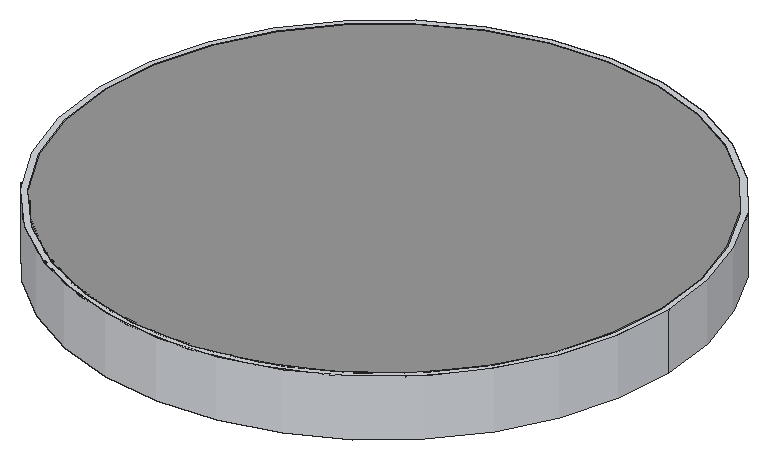
Revit family "2071229", category Lighting Fixtures, host Face, Revit 2018
Family settings
  Host = Face
  Round Connector Dimension = Use Diameter
  Part Type = Normal
  OmniClass Number = 23.80.70.00
  OmniClass Title = Lighting
  Cut with Voids When Loaded = No
  Light Source = Yes
  Shared = No
  Room Calculation Point = No
Parameters (values of type "2071229 COLOSSAL 600 940 PR DIR+H WHT DALI")
  iner diameter = 588 mm
  Weight = "n/a"
  Wattage Comments = ""
  Wattage = 30 W
  WarrantyStartDate [instance] = "n/a"
  WarrantyGuarantorParts = "n/a"
  WarrantyDurationUnit = "n/a"
  WarrantyDurationParts = ""
  WarrantyDescription = "http://www.sylvania-lighting.com"
  built-in parameter 1150110 = 1 (stored number, unit not read)
  Voltage = 230 V
  URL = "0.99"
  TypeName = "COLOSSAL 600mm 940 PRISM DIR+HAL WHITE DALI"
  Type Image = <None>
  Type Comments = "n/a"
  built-in parameter 1114217 = 1 (stored number, unit not read)
  Tilt Angle = -90.00°
  built-in parameter 1150109 = 1 (stored number, unit not read)
  built-in parameter 1150134 = (empty or 0)
  built-in parameter 1150113 = 1 (stored number, unit not read)
  SerialNumber [instance] = "n/a"
  Photometric Web File = "2071229.ies"
  Material_3_SYL = LED-Sylvania
  PowerFactor = 0
  PowerConsumption = "Lighting"
  NominalLength = 600 mm
  NominalHeight = 93 mm
  NominalDepth = 600 mm
  Name = "COLOSSAL 600mm 940 PRISM DIR+HAL WHITE DALI"
  ModelReference = Name  # "COLOSSAL 600mm 940 PRISM DIR+HAL WHITE DALI"
  ModelNumber = "2071229"
  Model = Name  # "COLOSSAL 600mm 940 PRISM DIR+HAL WHITE DALI"
  Material = "Feilo Sylvania"
  ManufacturerName = "111 lm/W"
  Manufacturer = ""
  LuminousEfficacy = ""
  built-in parameter 1150105 = 270.44 (stored number, unit not read)
  Lumens = 3398.4 lm
  LuminaireType = "0"
  built-in parameter 1150115 = 1 (stored number, unit not read)
  LightOutputRatio = "LED"
  built-in parameter 1150137 = (empty or 0)
  built-in parameter 1150139 = (empty or 0)
  LampsType = Lamp  # "n/a"
  LampNominalLuminous = "4000 K"
  LampMacAdamStep = "90"
  LampColourTemperature = "LED"
  LampColourRenderingIndex = "16500"
  built-in parameter 1150112 = 1 (stored number, unit not read)
  built-in parameter 1150114 = 1 (stored number, unit not read)
  Lamp = "n/a"
  Keynote = "n/a"
  InstallationDate [instance] = "n/a"
  InputVoltage = "0"
  InputNominalFrequency = "4000"
  built-in parameter 1150132 = (empty or 0)
  built-in parameter 1150102 = (empty or 0)
  built-in parameter 1150107 = 3000 (stored number, unit not read)
  built-in parameter 1150138 = (empty or 0)
  IngressProtection = "IfcLightFixtureType"
  ImpactProtectionIndex = "IfcLightFixtureType"
  built-in parameter 1150106 = 2.7044 (stored number, unit not read)
  IfcExportType = "IfcLightFixtureType"
  IfcExportAs = "Class I"
  Emit from Circle Diameter = 385 mm
  Emit Shape Visible in Rendering = no
  ElectricShockClassification = "111"
  built-in parameter 1150104 = 10.524 (stored number, unit not read)
  DocumentationLiterature = "http://www.sylvania-lighting.com/product/en-int/products/2071229"
  DimmingControlOptions = "n/a"
  Material_2_SYL = Polycarbonate_Sylvania_White
  Dimming Lamp Color Temperature Shift = <None>
  Description = "600mm diameter circular architectural luminaire, can be surface mounted or suspended. Powder coated aluminium housing (RAL9016) with PMMA prismatic diffuser. Direct/indirect (halo) light distribution, 3485lm luminuous flux, 31.3W system power, 111lm/W luminiaire efficacy. DALI dimmable. Colour rendering index Ra >90, 4000K Neutral White LED, chromaticity tolerance of 3-step MacAdam ellipse. IP40, IK03. 350mA drive current. UGR≤19. Electrical protection Class1, 220-240V. Reported lifetime 66k hours L90B10."
  Default Elevation = 1219.2 mm
  CreatedOn = "23/03/2022"
  CreatedBy = "@sylvania-lighting.com"
  Cost = 0
  Color Filter = 16777215
  built-in parameter 1114216 [instance] = (empty or 0)
  ClassificationValue = "EF_70_80"
  ClassificationName = "Uniclass2015"
  Material_1_SYL = Polycarbonate_Sylvania_Opal
  BarCode [instance] = "n/a"
  built-in parameter 1114218 = 1 (stored number, unit not read)
  built-in parameter 1150133 = 10 (stored number, unit not read)
  AssetType = "Fixed"
  AssetIdentifier [instance] = "n/a"
  Assembly Code = "D5020200"
  Apparent Load = 31.3 VA
  Material_4_SYL = none
Reference planes
  plane 1 "Center (Front/Back)": y = 0
  plane 2: z = 0
  plane 3 "Center (Left/Right)": x = 0
  plane 4: x = -300
  plane 5: x = 300
  plane 6: y = 300
  plane 7: y = -300
  plane 8: y = 212
  plane 9: y = -212
  plane 10: z = 93
  plane 11: y = 294
  plane 12: y = -294
  plane 13: through (0, 0, 1219.2) normal (0.5, -0.866, 0)
  plane 14: through (-134.29, 20.617, 1219.2) normal (0.5, -0.866, 0)
  plane 15: through (-144.685, -181.683, 1219.2) normal (-0.5, 0.866, 0)
  plane 16: through (0, 0, 1219.2) normal (0.5, 0.866, 0)
  plane 17: through (178.555, -4.939, 1219.2) normal (0.5, 0.866, 0)
  plane 18: through (87.581, -148.715, 1219.2) normal (0.5, 0.866, 0)
  plane 19: y = 272
  plane 20: through (105.168, 227.067, 1219.2) normal (0.866, 0.5, 0)
  plane 21: through (-104.171, 225.672, 1219.2) normal (0.8572, -0.515, 0)
  plane 22: y = -204.612
  plane 23: through (-296.643, -30.2, 1219.2) normal (0.866, 0.5, 0)
  plane 24: through (153.092, -278.837, 1219.2) normal (-0.866, 0.5, 0)
Forms (mm)
  Extrusion 1, solid, detail levels medium+fine
    sketch origin (0, 0, 0) x (1, 0, 0) y (0, 1, 0)
      loop
        circle (0, 0) r 300
    from 33.023 to 93
  Extrusion 2, void
    sketch origin (0, 0, 0) x (1, 0, 0) y (0, 1, 0)
      loop
        circle (0, 0) r 294
    from 93 to 37.292
  Extrusion 3, solid, material "Glass, White, High Luminance", detail levels fine
    sketch origin (0, 0, 0) x (1, 0, 0) y (0, 1, 0)
      loop
        circle (0, 0) r 294
    from 88.026 to 93
  Extrusion 4, solid, detail levels coarse
    sketch origin (0, 0, 0) x (1, 0, 0) y (0, 1, 0)
      loop
        line (-300, 300) -> (-300, -300) -> (300, -300) -> (300, 300) -> (-300, 300)
    from 0 to 93
  Blend 5, solid, detail levels medium+fine
    base sketch origin (0, 0, 0) x (1, 0, 0) y (0, 1, 0)
      loop
        line (-76.334, 272) -> (-277.665, -63.07) -> (-195.946, -204.612) -> (195.946, -204.612) -> (275.172, -67.388) -> (79.226, 272) -> (-76.334, 272)
    top sketch origin (0, 0, 0) x (1, 0, 0) y (0, 1, 0)
      loop
        line (-226.097, -32.388) -> (-141.097, -179.612) -> (141.097, -179.612) -> (226.097, -32.388) -> (85, 212) -> (-85, 212) -> (-226.097, -32.388)
    from 33.023 to 0
Cuts and joins
  Extrusion 2 cuts Extrusion 1
Lines and regions (mm)
  model lines
    curve 1: line (-85, 212, 0) -> (0, 212, 0)
    curve 2: line (0, 212, 0) -> (85, 212, 0)
Dimensions and locks
  "NominalDepth": plane 6 to plane 7
  "NominalLength": plane 4 to plane 5
  equal spacing: plane 4, plane 3 "Center (Left/Right)", plane 5
  "iner diameter": plane 11 to plane 12
  equal spacing: plane 11, plane 1 "Center (Front/Back)", plane 12
  equal spacing: plane 6, plane 1 "Center (Front/Back)", plane 7
  "NominalHeight": plane 10 to level
  radius of Extrusion 2 sketch curve = 294 mm
  aligned and locked: plane 2 to host face
  aligned and locked: level to host face
Automatic sketch dimensions
  host sketch curve to host sketch curve = 2438.4 mm  (x2)
  plane 1 "Center (Front/Back)" to Extrusion 1 sketch curve = 0 mm
  Extrusion 1 sketch curve to plane 3 "Center (Left/Right)" = 0 mm
  plane 1 "Center (Front/Back)" to Extrusion 2 sketch curve = 0 mm
  Extrusion 2 sketch curve to plane 3 "Center (Left/Right)" = 0 mm
  plane 1 "Center (Front/Back)" to Extrusion 3 sketch curve = 0 mm
  Extrusion 3 sketch curve to plane 3 "Center (Left/Right)" = 0 mm
  Extrusion 4 sketch curve to plane 4 = 0 mm
  Extrusion 4 sketch curve to plane 5 = 0 mm
  Extrusion 4 sketch curve to plane 7 = 0 mm
  Extrusion 4 sketch curve to plane 6 = 0 mm
  Blend 5 sketch curve to plane 8 = 0 mm
  Blend 5 sketch curve to plane 3 "Center (Left/Right)" = 85 mm
  plane 3 "Center (Left/Right)" to Blend 5 sketch curve = 85 mm
  plane 9 to Blend 5 sketch curve = 32.388 mm
  plane 3 "Center (Left/Right)" to Blend 5 sketch curve = 141.097 mm
  plane 1 "Center (Front/Back)" to Blend 5 sketch curve = 32.388 mm  (x2)
  Blend 5 sketch curve to plane 5 = 73.903 mm
  Blend 5 sketch curve to plane 3 "Center (Left/Right)" = 141.097 mm
  plane 4 to Blend 5 sketch curve = 73.903 mm
  curve 1 to plane 8 = 0 mm
  curve 2 to plane 3 "Center (Left/Right)" = 0 mm
  curve 1 to plane 3 "Center (Left/Right)" = 85 mm
  curve 1 to curve 2 = 85 mm
  Blend 5 sketch curve to plane 21 = 0 mm
  Blend 5 sketch curve to plane 23 = 0 mm  (x2)
  Blend 5 sketch curve to plane 22 = 0 mm
  Blend 5 sketch curve to plane 19 = 0 mm
  plane 21 to Blend 5 sketch curve = 0 mm
  Blend 5 sketch curve to plane 20 = 0 mm  (x2)
  Blend 5 sketch curve to plane 24 = 0 mm  (x2)
  radius of Extrusion 1 sketch curve = 300 mm
  radius of Extrusion 3 sketch curve = 294 mm
Connectors
  electrical at (0, 0, 0), driven by "Apparent Load", driven by "PowerFactor", driven by "Voltage"
    settings: index 1, voltage 230 V, apparent load 31.3 VA, apparent load phase1 0 VA, apparent load phase2 0 VA, apparent load phase3 0 VA, power factor 0, load classification "Lighting", number of poles 1, system type 30, power factor state 1, is connector primary yes, connector utility no, sub classification motor no, connector description ""
